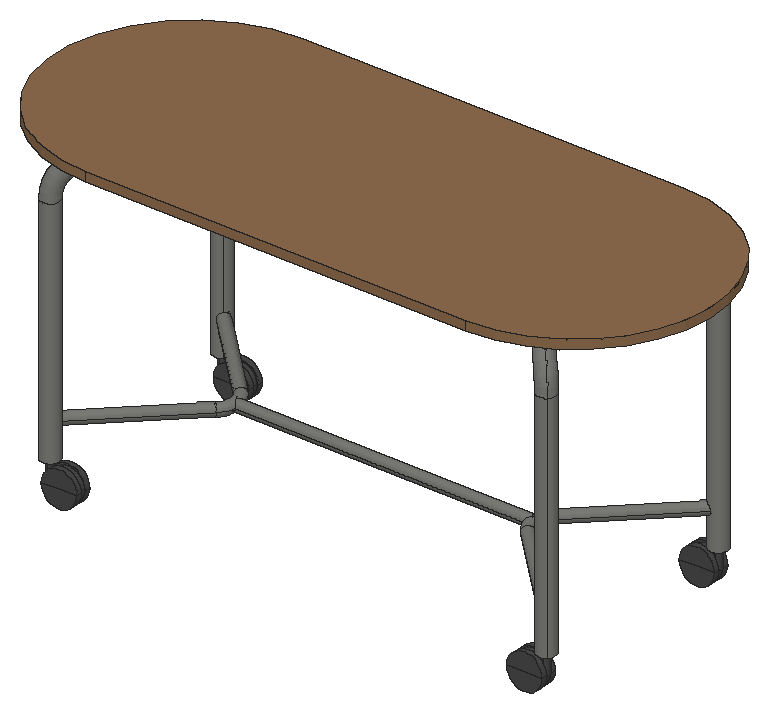
Revit family "Table-Teknion-CQTHZ_Racetrack_High_Table-R2020", category Furniture, Revit 2020 (continued)
Automatic sketch dimensions
  curve 12 to curve 5 = 2.41194"
  curve 11 to curve 10 = 1.06066"
  curve 5 to curve 6 = 0.53033"
  curve 34 to curve 33 = 0.53033"
  curve 8 to curve 7 = 0.53033"
  curve 104 to curve 142 = 0.564"
  curve 111 to curve 154 = 0.564"
  curve 102 to curve 103 = 0.00475"
  curve 112 to curve 109 = 0.00475"
  curve 107 to curve 110 = 0.14799"
  curve 98 to curve 101 = 0.14799"
  curve 106 to curve 105 = 0.00826"
  curve 99 to curve 98 = 0.00826"
  curve 51 to plane 17 = 0.70711"
  curve 55 to plane 18 = 0.70711"
  curve 152 to plane 20 = 0.13032"
  curve 141 to plane 20 = 0.13032"
  curve 77 to curve 80 = 0.000"
  plane 17 to curve 50 = 0.70711"
  plane 18 to curve 56 = 0.70711"
  curve 71 to plane 17 = 0.11004"
  curve 73 to curve 71 = 0.000"
  curve 151 to curve 149 = 0.14468"
  curve 137 to curve 138 = 0.14468"
  curve 68 to curve 76 = 0.03057"
  curve 62 to plane 1 "Center Front/Back" = 0.09036"
  curve 66 to curve 64 = 0.000"
  plane 17 to curve 45 = 0.70711"
  plane 18 to curve 41 = 0.70711"
  curve 40 to plane 18 = 0.70711"
  curve 46 to plane 17 = 0.70711"
  curve 148 to curve 141 = 0.03445"
  curve 160 to curve 152 = 0.03445"
  radius of Sweep 6 sketch curve = 0.625"
  radius of Sweep 7 sketch curve = 0.625"
  radius of Sweep 3 sketch curve = 1.000"
  radius of Sweep 4 sketch curve = 1.000"
  radius of Sweep 8 sketch curve = 0.625"
  radius of Sweep 10 sketch curve = 0.35945"
  radius of Sweep 12 sketch curve = 0.35945"
  radius of Sweep 14 sketch curve = 0.35945"
  radius of Sweep 16 sketch curve = 0.35945"
Nested families (in)
  nested 1: "Teknion_2D_Node_Family-R2020" at (-4.69362, 0, 1.9685), type "Teknion_2D_Node_Family-R2020"
Definition of nested family "Teknion_2D_Node_Family-R2020"
  Reference planes (in)
    plane 1 "Center (Front/Back)": y = 0
    plane 2: z = 0
    plane 3 "Center (Left/Right)": x = 0
  Lines and regions (in)
    detail lines, in view "Ref. Level"
      curve 1: circle (0, 0, 0) r 1.25 normal (0, 0, 1)
      curve 2: line (1.91508, -1.91508, 0) -> (-1.91508, 1.91508, 0)
      curve 3: line (-1.91508, -1.91508, 0) -> (1.91508, 1.91508, 0)
Types (5): name | Surface Finish | Model | Mobile Leg | Height | Frame Finish | Fixed Leg | Description
  (no name) | Foundation Laminate - Teknion - 3P - Sycamore Reflect | "CQTHZCM3072" | yes | 36.000" | Paint - Teknion - Mica - Anthracite | no | "Racetrack High Table - Counter Height with Mobile Mobility"
  Bar Height, Fixed Mobility | Foundation Laminate - Teknion - YA - Anigre | "CQTHZBF3072" | no | 42.000" | Paint - Teknion - Foundation - Expresso | yes | "Racetrack High Table - Bar Height with Fixed Mobility"
  Counter Height, Fixed Mobility | Foundation Laminate - Teknion - XG - Very White | "CQTHZCF3072" | no | 36.000" | Paint - Teknion - Mica - Satin - Ebony | yes | "Racetrack High Table - Counter Height with Fixed Mobility"
  Bar Height, Mobile Mobility | Foundation Laminate - Teknion - 2C - Urban Walnut | "CQTHZBM3072" | yes | 42.000" | Paint - Teknion - Foundation - Crisp Grey | no | "Racetrack High Table - Bar Height with Mobile Mobility"
  Counter Height, Mobile Mobility | Foundation Laminate - Teknion - 3P - Sycamore Reflect | "CQTHZCM3072" | yes | 36.000" | Paint - Teknion - Mica - Anthracite | no | "Racetrack High Table - Counter Height with Mobile Mobility"
